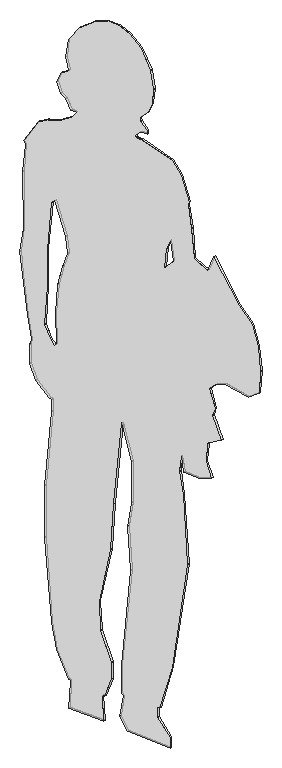
Revit family "Flat Girl 04", category Entourage, Revit 2015
Parameters
  Flat Material [instance] = none
  Height = 0 mm
Reference planes
  plane 1 "Center (Front/Back)": y = 0
  plane 2: z = 0
  plane 3 "Center (Left/Right)": x = 0
Forms (mm)
  Extrusion 1, solid, material <- "Flat Material"
    sketch origin (0, 0, 0) x (1, 0, 0) y (0, 0, 1)
      loop
        line (-13.39, 0) -> (-17.823, 63.393) -> (-10.293, 63.393) -> (8.938, 114.204) -> (8.938, 156.098) -> (-21.567, 224.614) -> (-26.45, 294.443) -> (6.168, 435.727) -> (14.19, 550.447) -> (36.141, 759.296) -> (63.861, 672.487) -> (63.861, 572.487) -> (53.693, 508.288) -> (61.179, 401.23) -> (35.57, 157.572) -> (35.57, 87.572) -> (40.149, 82.993) -> (31.545, 28.67) -> (51.62, 0) -> (171.62, 0) -> (171.62, 27.217) -> (136.265, 62.572) -> (136.265, 87.572) -> (141.265, 87.572) -> (175.846, 200.683) -> (218.866, 472.297) -> (207.007, 641.883) -> (197.46, 696.027) -> (201.6, 735.419) -> (208.546, 696.027) -> (248.546, 696.027) -> (286.134, 709.708) -> (269.864, 746.25) -> (274.568, 791.003) -> (313.071, 812.345) -> (288.667, 867.158) -> (296.008, 887.329) -> (280.617, 929.615) -> (298.8, 947.797) -> (322.292, 956.348) -> (386.304, 945.061) -> (416.855, 967.257) -> (421.649, 1022.048) -> (415.377, 1081.719) -> (397.593, 1130.581) -> (362.237, 1165.936) -> (291.703, 1263.018) -> (274.554, 1222.617) -> (237.734, 1238.247) -> (230.168, 1310.235) -> (221.14, 1367.232) -> (223.632, 1371.548) -> (201.401, 1432.628) -> (175.826, 1460.054) -> (91.922, 1482.251) -> (78.52, 1482.251) -> (73.894, 1486.877) -> (87.745, 1499.349) -> (107.636, 1501.439) -> (107.636, 1511.439) -> (89.261, 1525.286) -> (87.528, 1535.114) -> (109.822, 1555.188) -> (120.492, 1581.597) -> (124.967, 1618.042) -> (117.153, 1662.358) -> (90.942, 1707.757) -> (57.344, 1734.007) -> (29.153, 1744.268) -> (-0.847, 1744.268) -> (-38.435, 1730.587) -> (-80.819, 1699.793) -> (-111.602, 1660.392) -> (-119.075, 1613.212) -> (-110.917, 1582.766) -> (-131.154, 1571.082) -> (-143.833, 1543.892) -> (-132.145, 1518.827) -> (-119.105, 1510.032) -> (-105.278, 1486.083) -> (-90.278, 1486.083) -> (-100.183, 1471.399) -> (-139.154, 1448.899) -> (-168.132, 1441.134) -> (-195.02, 1425.61) -> (-236.96, 1363.432) -> (-230.903, 1357.376) -> (-238.22, 1287.759) -> (-235.741, 1145.698) -> (-246.159, 1086.609) -> (-238.54, 1032.391) -> (-224.622, 933.365) -> (-214.128, 879.375) -> (-218.129, 864.443) -> (-218.129, 818.197) -> (-201.238, 781.975) -> (-162.936, 749.836) -> (-157.36, 749.836) -> (-157.36, 718.906) -> (-177.221, 529.947) -> (-177.221, 399.947) -> (-159.354, 195.727) -> (-144.732, 132.393) -> (-111.869, 70.586) -> (-106.869, 70.586) -> (-110.568, 0) -> (-13.39, 0)
      loop
        line (-149.469, 885.505) -> (-145.742, 893.497) -> (-148.306, 966.94) -> (-140.467, 1041.529) -> (-126.685, 1089.592) -> (-113.004, 1127.18) -> (-118.571, 1166.791) -> (-149.032, 1246.145) -> (-157.11, 1238.067) -> (-169.653, 1118.725) -> (-169.653, 1028.725) -> (-176.629, 928.968) -> (-162.384, 898.42) -> (-149.469, 885.505)
      loop
        line (170.929, 1258.938) -> (161.775, 1237.372) -> (155.211, 1186.013) -> (178.751, 1209.553) -> (170.929, 1258.938)
    from -2.5 to 2.5
Lines and regions (mm)
  model lines
    curve 1: line (0, 148, 0) -> (0, -152, 0)
    curve 2: line (148.202, -0.202, 0) -> (-151.798, -0.202, 0)
Dimensions and locks
  aligned and locked: level to plane 2
